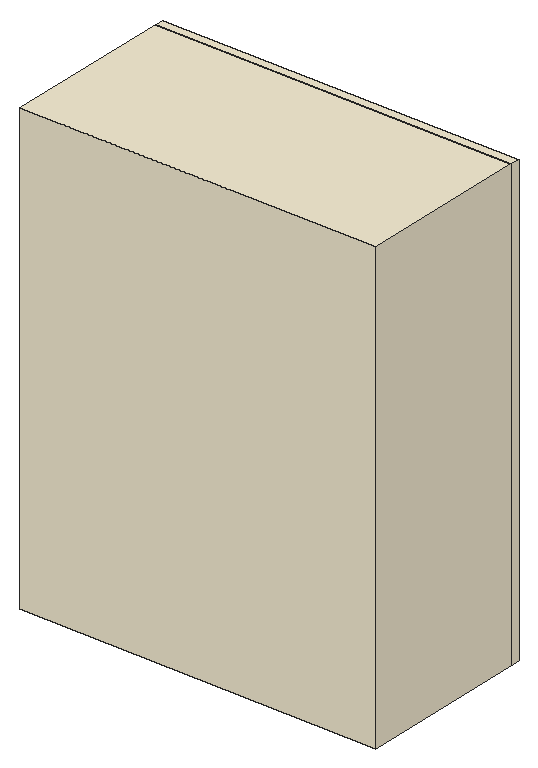
Revit family "Letter_Boxes-Salsbury_Industries-Surface_Mounted_Mailboxes", category Specialty Equipment, Revit 2016
Family settings
  Part Type = Normal
  Round Connector Dimension = Use Diameter
  OmniClass Number = 23.40.90.14.11
  OmniClass Title = Mail Boxes
  Work Plane-Based = No
  Always vertical = Yes
  Cut with Voids When Loaded = No
  Shared = No
  Room Calculation Point = No
Parameters (values of type "2240 - USPS Access")
  Width = 15.000"
  Vertical Lock Offset = 7.988"
  Version = "1.0 (05/31/19)"
  URL = "www.mailboxes.com"
  Type Comments = "Letter Box - Standard"
  Private Access Commercial Lock = no
  OmniClass 23 Title = "Mail Boxes"
  OmniClass 23 Number = "23.40.90.14.11"
  Model = "2240"
  MasterFormat Title = "Postal Specialties"
  MasterFormat Number = "10 55 00"
  Manufacturer = "Salsbury Industries"
  Mail Slot Width = 11.375"
  Lock Material = Stainless Steel - Salsbury Finish -  Polished
  Internal Enclosure Depth = 6.750"
  Horizontal Lock Offset = 2.438"
  Height = 18.937"
  Front Panel Material = Paint - Salsbury Finish - Sandstone
  Description = "USPS Access - Surface Mounted"
  Depth = 7.500"
  Back Enclosure Material = Aluminum - Salsbury Finish - Clear
  Assembly Description = "Mailboxes"
  Assembly Code = "C1030910"
Types (4): name | Width | Type Comments | Private Access Commercial Lock | Model | Mail Slot Width | Internal Enclosure Depth | Description | Depth
  (no name) | 15.000" | "Letter Box - Standard" | no | "2240" | 11.375" | 6.750" | "USPS Access - Surface Mounted" | 7.500"
  2240 - USPS Access | 15.000" | "Letter Box - Standard" | no | "2240" | 11.375" | 6.750" | "USPS Access - Surface Mounted" | 7.500"
  2240 - Private Access | 15.000" | "Letter Box - Standard" | yes | "2240" | 11.375" | 6.750" | "Private Access - Surface Mounted" | 7.500"
  2260 - Private Access | 11.000" | "Letter Box - Slim" | yes | "2260" | 7.375" | 3.500" | "Private Access - Surface Mounted" | 3.750"
Reference planes (in)
  plane 1 "Center (Front/Back)": y = 0
  plane 2 "Bott of Unit": z = 0
  plane 3 "Center (Left/Right)": x = 0
  plane 4 "Vertical Center": z = 9.4685
  plane 5 "Top of Unit": z = 18.937
  plane 6 "Right Side of Unit": x = -7.5
  plane 7 "Left Side of Unit": x = 7.5
  plane 8 "Back of Inner Enclosure": y = -3
  plane 9 "Front of Unit": y = 3.75
  plane 10 "Back Edge of Front Trim": y = 3.375
  plane 11 "Right Side of Back Enclosure": x = -6.437
  plane 12 "Left Side of Back Enclosure": x = 6.437
  plane 13 "Top of Back Enclosure": z = 17.874
  plane 14 "Bottom of Back Enclosure": z = 1.063
  plane 15 "Left Side of Door": x = -6.356
  plane 16 "Right Side of Door": x = 6.356
  plane 17 "Top of Door": z = 17.793
  plane 18 "Bottom of Door": z = 1.144
  plane 19: z = 17.481
  plane 20 "Vertical Center of Mail Slot": z = 15.9565
  plane 21: z = 15.5815
  plane 22: z = 16.3315
  plane 23: z = 9.4685
  plane 24: x = 3.918
  plane 25: x = -5.6875
  plane 26: x = 5.6875
  plane 27: y = -2.919
  plane 28 "Horizontal Center of Mail Slot": x = 0
  plane 29: z = 17.4565
  plane 30 "Front of Door": y = 3.70773
  plane 31: y = 3.54024
  plane 32: x = 4.168
  plane 33: x = 3.668
  plane 34: z = 9.5485
  plane 35: z = 9.3885
  plane 36 "Back of Unit": y = -3.75
  plane 37: y = -3.669
  plane 38: z = 18.856
  plane 39: z = 0.081
  plane 40: x = -7.419
  plane 41: x = 7.419
Forms (in)
  Extrusion 1, solid, material "Paint - Salsbury Finish - Sandstone" <- "Front Panel Material"
    sketch origin (0, 3.75, 0) x (1, 0, 0) y (0, 0, 1)
      loop
        line (-7.5, 18.937) -> (-7.5, 0) -> (7.5, 0) -> (7.5, 18.937) -> (-7.5, 18.937)
      loop
        line (-6.437, 17.874) -> (-6.437, 1.063) -> (6.437, 1.063) -> (6.437, 17.874) -> (-6.437, 17.874)
    from 0 to 0.375
  Extrusion 2, solid, material "Aluminum - Salsbury Finish - Clear" <- "Back Enclosure Material", detail levels fine
    sketch origin (0, 3.375, 0) x (1, 0, 0) y (0, 0, 1)
      loop
        line (-6.437, 17.874) -> (-6.437, 1.063) -> (6.437, 1.063) -> (6.437, 17.874) -> (-6.437, 17.874)
    from 0 to 6.375
  Extrusion 3, void
    sketch origin (0, 3.375, 0) x (1, 0, 0) y (0, 0, 1)
      loop
        line (-6.356, 17.793) -> (-6.356, 1.144) -> (6.356, 1.144) -> (6.356, 17.793) -> (-6.356, 17.793)
    from 0 to 6.294
  Extrusion 4, solid, material "Paint - Salsbury Finish - Sandstone" <- "Front Panel Material"
    sketch origin (0, 3.75, 0) x (1, 0, 0) y (0, 0, 1)
      loop
        line (-6.437, 17.874) -> (-6.437, 17.481) -> (6.437, 17.481) -> (6.437, 17.874) -> (-6.437, 17.874)
    from 0 to 0.375
  Extrusion 5, solid, material "Paint - Salsbury Finish - Sandstone" <- "Front Panel Material"
    sketch origin (0, 0, 17.793) x (0, -1, 0) y (1, 0, 0)
      loop
        arc (-3.70773, -6.13729) -> (-3.74192, -6.27522) -> (-3.625, -6.356) r 0.125
        line (-3.625, -6.356) -> (-3.375, -6.356) -> (-3.375, 6.356) -> (-3.70773, 6.356) -> (-3.70773, -6.13729)
    from -16.649 to -0.3365
  Extrusion 6, void
    sketch origin (0, 3.75, 0) x (1, 0, 0) y (0, 0, 1)
      loop
        circle (3.918, 9.4685) r 0.4375
    from 0.04227 to 0.375
  Extrusion 7, void
    sketch origin (0, 3.75, 0) x (1, 0, 0) y (0, 0, 1)
      loop
        arc (-5.3125, 16.3315) -> (-5.6875, 15.9565) -> (-5.3125, 15.5815) r 0.375
        line (-5.3125, 15.5815) -> (5.3125, 15.5815)
        arc (5.3125, 15.5815) -> (5.6875, 15.9565) -> (5.3125, 16.3315) r 0.375
        line (5.3125, 16.3315) -> (-5.3125, 16.3315)
    from 0.04227 to 0.375
  Extrusion 8, solid, material "Stainless Steel - Salsbury Finish -  Polished" <- "Lock Material", visible <- "Private Access Commercial Lock"
    sketch origin (0, 3.75, 0) x (1, 0, 0) y (0, 0, 1)
      loop
        circle (3.918, 9.4685) r 0.375
    from 0.04227 to 0.375
  Extrusion 9, void
    sketch origin (0, 3.75, 0) x (1, 0, 0) y (0, 0, 1)
      loop
        line (4.168, 9.5485) -> (3.668, 9.5485) -> (3.668, 9.3885) -> (4.168, 9.3885) -> (4.168, 9.5485)
    from 0.04227 to 0.20976
  Extrusion 10, solid, material "Paint - Salsbury Finish - Sandstone" <- "Front Panel Material"
    sketch origin (0, -3.75, 0) x (1, 0, 0) y (0, 0, 1)
      loop
        line (7.5, 18.937) -> (-7.5, 18.937) -> (-7.5, 0) -> (7.5, 0) -> (7.5, 18.937)
    from -7.125 to 0
  Extrusion 11, void
    sketch origin (0, -3.75, 0) x (1, 0, 0) y (0, 0, 1)
      loop
        line (7.419, 18.856) -> (-7.419, 18.856) -> (-7.419, 0.081) -> (7.419, 0.081) -> (7.419, 18.856)
    from -7.125 to -0.081
Cuts and joins
  Extrusion 3, Extrusion 6, Extrusion 7, Extrusion 9 cuts Extrusion 2
  Extrusion 6, Extrusion 7 cuts Extrusion 5
  Extrusion 9 cuts Extrusion 8
  Extrusion 11 cuts Extrusion 10
Lines and regions (in)
  symbolic lines
    curve 1: line (-7.5, 3.75, 17.793) -> (7.5, 3.75, 17.793)
    curve 2: line (-7.5, 3.375, 17.793) -> (-7.5, 3.75, 17.793)
    curve 3: line (7.5, 3.375, 17.793) -> (-7.5, 3.375, 17.793)
    curve 4: line (7.5, 3.75, 17.793) -> (7.5, 3.375, 17.793)
    curve 5: line (0, 3.75, 18.937) -> (0, 3.375, 18.937)
    curve 6: line (0, 3.75, 0) -> (0, 3.75, 18.937)
    curve 7: line (0, 3.375, 0) -> (0, 3.75, 0)
    curve 8: line (0, 3.375, 18.937) -> (0, 3.375, 0)
    curve 9: line (7.5, -3.75, 18.937) -> (-7.5, -3.75, 18.937)
    curve 10: line (7.5, -3.75, 0) -> (7.5, -3.75, 18.937)
    curve 11: line (-7.5, -3.75, 0) -> (7.5, -3.75, 0)
    curve 12: line (-7.5, -3.75, 18.937) -> (-7.5, -3.75, 0)
    curve 13: line (6.437, -3.75, 17.874) -> (-6.437, -3.75, 17.874)
    curve 14: line (6.437, -3.75, 1.063) -> (6.437, -3.75, 17.874)
    curve 15: line (-6.437, -3.75, 1.063) -> (6.437, -3.75, 1.063)
    curve 16: line (-6.437, -3.75, 17.874) -> (-6.437, -3.75, 1.063)
    curve 17: arc (5.3125, -3.75, 15.5815) -> (5.6875, -3.75, 15.9565) -> (5.3125, -3.75, 16.3315) r 0.375
    curve 18: arc (-5.3125, -3.75, 16.3315) -> (-5.6875, -3.75, 15.9565) -> (-5.3125, -3.75, 15.5815) r 0.375
    curve 19: line (5.3125, -3.75, 16.3315) -> (-5.3125, -3.75, 16.3315)
    curve 20: line (-5.3125, -3.75, 15.5815) -> (5.3125, -3.75, 15.5815)
    curve 21: circle (3.918, -3.75, 9.4685) r 0.4375 normal (0, -1, 0)
    curve 22: line (-7.5, 3.375, 17.793) -> (-7.5, -3.75, 17.793)
    curve 23: line (7.5, 3.375, 17.793) -> (7.5, -3.75, 17.793)
    curve 24: line (-7.5, -3.75, 17.793) -> (7.5, -3.75, 17.793)
    curve 25: line (0, 3.375, 0) -> (0, -3.75, 0)
    curve 26: line (0, -3.75, 18.937) -> (0, 3.375, 18.937)
    curve 27: line (0, -3.75, 18.937) -> (0, -3.75, 0)
Dimensions and locks (in)
  equal spacing: plane 5 "Top of Unit", plane 4 "Vertical Center", plane 2 "Bott of Unit"
  "Height": plane 5 "Top of Unit" to plane 2 "Bott of Unit"
  equal spacing: plane 6 "Right Side of Unit", plane 3 "Center (Left/Right)", plane 7 "Left Side of Unit"
  "Internal Enclosure Depth": plane 8 "Back of Inner Enclosure" to plane 9 "Front of Unit"
  "Width": plane 6 "Right Side of Unit" to plane 7 "Left Side of Unit"
  locked: plane 10 "Back Edge of Front Trim" to plane 9 "Front of Unit" at 0.375
  locked: plane 5 "Top of Unit" to plane 13 "Top of Back Enclosure" at 1.063
  locked: plane 14 "Bottom of Back Enclosure" to plane 2 "Bott of Unit" at 1.063
  locked: plane 7 "Left Side of Unit" to plane 12 "Left Side of Back Enclosure" at 1.063
  locked: plane 6 "Right Side of Unit" to plane 11 "Right Side of Back Enclosure" at 1.063
  locked: plane 13 "Top of Back Enclosure" to plane 17 "Top of Door" at 0.081
  locked: plane 18 "Bottom of Door" to plane 14 "Bottom of Back Enclosure" at 0.081
  locked: plane 12 "Left Side of Back Enclosure" to plane 16 "Right Side of Door" at 0.081
  locked: plane 15 "Left Side of Door" to plane 11 "Right Side of Back Enclosure" at 0.081
  plane 17 "Top of Door" to plane 19 = 0.312"
  plane 22 to plane 20 "Vertical Center of Mail Slot" to plane 21 = 0.375" locked, 0.375" locked
  locked: plane 8 "Back of Inner Enclosure" to plane 27 at 0.081
  equal spacing: plane 26, plane 28 "Horizontal Center of Mail Slot", plane 25
  "Mail Slot Width": plane 26 to plane 25
  plane 19 to plane 18 "Bottom of Door" = 16.337"
  locked: plane 19 to plane 29 at 0.0245
  locked: plane 30 "Front of Door" to plane 9 "Front of Unit" at 0.04227
  "Horizontal Lock Offset": plane 16 "Right Side of Door" to plane 24
  "Vertical Lock Offset": plane 29 to plane 23
  locked: plane 31 to plane 30 "Front of Door" at 0.16749
  plane 33 to plane 24 to plane 32 = 0.250" locked, 0.250" locked
  plane 35 to plane 23 to plane 34 = 0.080" locked, 0.080" locked
  locked: plane 29 to plane 20 "Vertical Center of Mail Slot" at 1.5
  locked: plane 36 "Back of Unit" to plane 37 at 0.081
  equal spacing: plane 36 "Back of Unit", plane 1 "Center (Front/Back)", plane 9 "Front of Unit"
  "Depth": plane 36 "Back of Unit" to plane 9 "Front of Unit"
  locked: plane 41 to plane 7 "Left Side of Unit" at 0.081
  locked: plane 38 to plane 5 "Top of Unit" at 0.081
  locked: plane 6 "Right Side of Unit" to plane 40 at 0.081
  locked: plane 2 "Bott of Unit" to plane 39 at 0.081
  aligned and locked: level to plane 2 "Bott of Unit"
  aligned and locked: plane 2 "Bott of Unit" to Extrusion 1 sketch curve
  aligned and locked: plane 7 "Left Side of Unit" to Extrusion 1 sketch curve
  aligned and locked: plane 5 "Top of Unit" to Extrusion 1 sketch curve
  aligned and locked: Extrusion 1 sketch curve to plane 6 "Right Side of Unit"
  aligned and locked: Extrusion 1 sketch curve to plane 14 "Bottom of Back Enclosure"
  aligned and locked: Extrusion 1 sketch curve to plane 12 "Left Side of Back Enclosure"
  aligned and locked: plane 13 "Top of Back Enclosure" to Extrusion 1 sketch curve
  aligned and locked: plane 11 "Right Side of Back Enclosure" to Extrusion 1 sketch curve
  aligned and locked: Extrusion 1 to plane 9 "Front of Unit"
  aligned and locked: plane 10 "Back Edge of Front Trim" to Extrusion 1
  aligned and locked: Extrusion 2 sketch curve to plane 14 "Bottom of Back Enclosure"
  aligned and locked: Extrusion 2 sketch curve to plane 12 "Left Side of Back Enclosure"
  aligned and locked: plane 13 "Top of Back Enclosure" to Extrusion 2 sketch curve
  aligned and locked: plane 11 "Right Side of Back Enclosure" to Extrusion 2 sketch curve
  aligned and locked: Extrusion 2 to plane 10 "Back Edge of Front Trim"
  aligned and locked: plane 8 "Back of Inner Enclosure" to Extrusion 2
  aligned and locked: plane 15 "Left Side of Door" to Extrusion 3 sketch curve
  aligned and locked: plane 17 "Top of Door" to Extrusion 3 sketch curve
  aligned and locked: Extrusion 3 sketch curve to plane 18 "Bottom of Door"
  aligned and locked: Extrusion 3 sketch curve to plane 16 "Right Side of Door"
  aligned and locked: Extrusion 3 to plane 10 "Back Edge of Front Trim"
  aligned and locked: plane 27 to Extrusion 3
  aligned and locked: plane 3 "Center (Left/Right)" to plane 28 "Horizontal Center of Mail Slot"
  aligned and locked: Extrusion 4 sketch curve to plane 19
  aligned and locked: plane 11 "Right Side of Back Enclosure" to Extrusion 4 sketch curve
  aligned and locked: plane 13 "Top of Back Enclosure" to Extrusion 4 sketch curve
  aligned and locked: Extrusion 4 sketch curve to plane 12 "Left Side of Back Enclosure"
  aligned and locked: Extrusion 4 to plane 9 "Front of Unit"
  aligned and locked: plane 10 "Back Edge of Front Trim" to Extrusion 4
  aligned and locked: plane 16 "Right Side of Door" to Extrusion 5 sketch curve
  aligned and locked: Extrusion 5 sketch curve to plane 10 "Back Edge of Front Trim"
  aligned and locked: plane 15 "Left Side of Door" to Extrusion 5 sketch curve
  aligned and locked: Extrusion 5 sketch curve to plane 30 "Front of Door"
  aligned and locked: plane 30 "Front of Door" to Extrusion 5 sketch curve
  aligned and locked: Extrusion 5 to plane 29
  aligned and locked: plane 18 "Bottom of Door" to Extrusion 5
  aligned and locked: plane 24 to Extrusion 6 sketch curve
  aligned and locked: plane 23 to Extrusion 6 sketch curve
  aligned and locked: plane 10 "Back Edge of Front Trim" to Extrusion 6
  aligned and locked: Extrusion 6 to plane 30 "Front of Door"
  aligned and locked: plane 21 to Extrusion 7 sketch curve
  aligned and locked: plane 22 to Extrusion 7 sketch curve  (x2)
  aligned and locked: Extrusion 7 sketch curve to plane 21
  aligned and locked: Extrusion 7 to plane 30 "Front of Door"
  aligned and locked: plane 10 "Back Edge of Front Trim" to Extrusion 7
  aligned and locked: plane 24 to Extrusion 8 sketch curve
  aligned and locked: plane 23 to Extrusion 8 sketch curve
  aligned and locked: Extrusion 8 to plane 30 "Front of Door"
  aligned and locked: plane 10 "Back Edge of Front Trim" to Extrusion 8
  aligned and locked: plane 34 to Extrusion 9 sketch curve
  aligned and locked: Extrusion 9 sketch curve to plane 32
  aligned and locked: Extrusion 9 sketch curve to plane 35
  aligned and locked: plane 33 to Extrusion 9 sketch curve
  aligned and locked: Extrusion 9 to plane 30 "Front of Door"
  aligned and locked: plane 31 to Extrusion 9
  aligned and locked: plane 7 "Left Side of Unit" to curve 4
  aligned and locked: plane 9 "Front of Unit" to curve 1
  aligned and locked: plane 9 "Front of Unit" to curve 6
  aligned and locked: plane 5 "Top of Unit" to curve 5
  aligned and locked: plane 2 "Bott of Unit" to curve 7
  aligned and locked: plane 2 "Bott of Unit" to curve 11
  aligned and locked: curve 12 to plane 6 "Right Side of Unit"
  aligned and locked: plane 5 "Top of Unit" to curve 9
  aligned and locked: plane 7 "Left Side of Unit" to curve 10
  aligned and locked: curve 15 to plane 14 "Bottom of Back Enclosure"
  aligned and locked: plane 11 "Right Side of Back Enclosure" to curve 16
  aligned and locked: curve 14 to plane 12 "Left Side of Back Enclosure"
  aligned and locked: plane 13 "Top of Back Enclosure" to curve 13
  aligned and locked: curve 17 to cut or joined group of Extrusion 5, Extrusion 6, Extrusion 7
  aligned and locked: curve 18 to cut or joined group of Extrusion 5, Extrusion 6, Extrusion 7
  aligned and locked: plane 7 "Left Side of Unit" to Extrusion 10 sketch curve
  aligned and locked: plane 5 "Top of Unit" to Extrusion 10 sketch curve
  aligned and locked: Extrusion 10 sketch curve to plane 6 "Right Side of Unit"
  aligned and locked: plane 2 "Bott of Unit" to Extrusion 10 sketch curve
  aligned and locked: plane 36 "Back of Unit" to Extrusion 10
  aligned and locked: Extrusion 10 to plane 10 "Back Edge of Front Trim"
  aligned and locked: plane 40 to Extrusion 11 sketch curve
  aligned and locked: Extrusion 11 sketch curve to plane 39
  aligned and locked: plane 38 to Extrusion 11 sketch curve
  aligned and locked: Extrusion 11 sketch curve to plane 41
  aligned and locked: plane 37 to Extrusion 11
  aligned and locked: Extrusion 11 to plane 10 "Back Edge of Front Trim"
  aligned and locked: plane 10 "Back Edge of Front Trim" to curve 22
  aligned and locked: plane 6 "Right Side of Unit" to curve 22
  aligned and locked: plane 10 "Back Edge of Front Trim" to curve 23
  aligned and locked: plane 36 "Back of Unit" to curve 23
  aligned and locked: plane 7 "Left Side of Unit" to curve 23
  aligned and locked: plane 6 "Right Side of Unit" to curve 24
  aligned and locked: plane 7 "Left Side of Unit" to curve 24
  aligned and locked: plane 36 "Back of Unit" to curve 24
  aligned and locked: plane 10 "Back Edge of Front Trim" to curve 25
  aligned and locked: plane 36 "Back of Unit" to curve 25
  aligned and locked: plane 36 "Back of Unit" to curve 26
  aligned and locked: plane 10 "Back Edge of Front Trim" to curve 26
  aligned and locked: plane 2 "Bott of Unit" to curve 27
  aligned and locked: plane 5 "Top of Unit" to curve 27
Automatic sketch dimensions
  plane 9 "Front of Unit" to Extrusion 5 sketch curve = 0.125"
  Extrusion 5 sketch curve to Extrusion 5 sketch curve = 0.125"
  plane 25 to Extrusion 7 sketch curve = 0.375"
  Extrusion 7 sketch curve to plane 26 = 0.375"
  curve 21 to plane 4 "Vertical Center" = 0.000"
  curve 21 to plane 24 = 0.000"
  radius of Extrusion 6 sketch curve = 0.4375"
  radius of Extrusion 8 sketch curve = 0.375"
  radius of curve 21 = 0.4375"
